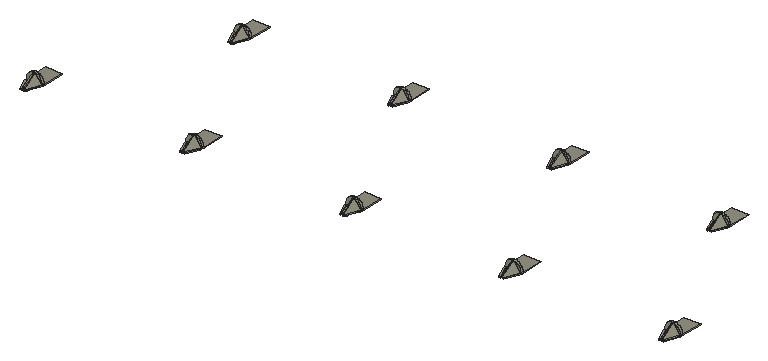
Revit family "Construction_Roof-Accessories_Alpine-SnowGuards_PD30", category Specialty Equipment, host Face, Revit 2019
Family settings
  Host = Face
  Round Connector Dimension = Use Diameter
  Part Type = Normal
  OmniClass Number = 23.35.20.31.27.14
  OmniClass Title = Snow Guards
  Cut with Voids When Loaded = No
  Shared = No
  Room Calculation Point = No
Parameters (values of type "2x2 Pattern – Two Row")
  z_Option3 = Row Options : Three Rows
  z_Option2 = Row Options : Two Rows
  z_Option1 = Row Options : One Row
  Z_Vertical Spacing = if(Vertical Spacing = 0", 12", Vertical Spacing)  # 24"
  Z_Three Rows [instance] = and((Length > 2 * Z_Horizontal Spacing), Number of Rows = z_Option3)  # no
  Z_Three Row Second Pad [instance] = and(not(or(Z_Three Rows, Z_Two Rows, Z_Custom Row, Number of Rows = z_Option2, Z_CR)), Z_Length > Z_Horizontal Spacing)  # no
  Z_Three Row First Pad [instance] = not(or(Z_Three Rows, Z_Two Rows, Z_Custom Row, Number of Rows = z_Option2, Z_CR))  # no
  Z_Second Row Number [instance] = Z_Number of Pads Control - 1  # 4
  Z_Two Row First Pad [instance] = and(not(or(Z_Three Rows, Z_Two Rows, Z_Custom Row, Z_CR)), or(Z_Length = Z_Horizontal Spacing / 2, Z_Length > Z_Horizontal Spacing / 2))  # no
  Z_Second Row [instance] = Z_Horizontal Spacing / 2  # 12"
  Z_Length [instance] = if(Length < Z_Horizontal Spacing / 2, Z_Horizontal Spacing / 2, Length)  # 100"
  Z_Horizontal Spacing = if(Horizontal Spacing = 0", 24", Horizontal Spacing)  # 24"
  Z_Distance between Pads [instance] = Length / (Z_Number of Pads Control - 1)  # 25"
  Z_Custom Row Second Pad [instance] = and(not(or(Z_Three Rows, Z_Two Rows, Z_Custom Row)), Z_Length > Z_Horizontal Spacing)  # no
  Z_Custom Row First Pad [instance] = not(or(Z_Three Rows, Z_Two Rows))  # no
  Z_Custom Row [instance] = and((Length > 2 * Z_Horizontal Spacing), or(Number of Rows = z_Option1, Number of Rows = z_Option2, Number of Rows = z_Option3))  # yes
  Z_CR = no
  Vertical Spacing = 24"
  URL = "https://www.alpinesnowguards.com/model/pd30?utm_source=bimobject&utm_medium=productlisting&utm_campaign=2022marketing"
  Z_Two Rows [instance] = and((Length > 2 * Z_Horizontal Spacing), or(Number of Rows = z_Option2, Number of Rows = z_Option3))  # yes
  Surface Offset [instance] = 0"
  Standard Layouts [instance] = "Standard layouts are shown. Custom layouts are available, please contact Alpine Snow Guard to discuss."  # constant formula
  Snow Guard Count [instance] = if(and(Number of Rows = z_Option1, and(Length > 24", Length < 49")), 2, if(and(Number of Rows = z_Option1, or(Length = 0", Length < 25")), 1, if(and(Number of Rows = z_Option2, or(Length = 0", Length < 25")), 2, if(and(Number of Rows = z_Option3, and(Length > 24", Length < 49")), 5, if(Z_Three Rows, 2 * Z_Number of Pads Control + Z_Second Row Number, if(Z_Two Rows, Z_Number of Pads Control + Z_Second Row Number, Z_Number of Pads Control))))))  # 9
  Product data url = "https://www.bimobject.com/en-us/alpine-snowguards/product/pd30_half_round_pad_style_snow_guard"
  Product Material = Alpine SnowGuards - Aluminium - Mill Finish
  Product Guid = "483fc227-2481-4cf8-8a25-9295d0d0372d"
  Z_Number of Pads Control [instance] = if((Z_Length / Z_Horizontal Spacing + 1) < 3, 3, rounddown(Z_Length / Z_Horizontal Spacing + 1))  # 5
  Number of Rows = Row Options : Two Rows
  Length Note [instance] = "To show a single SnowGuard in the Row, please set Length to 0"  # constant formula
  Model = if(PD 300F, "PD 300F", "PD 30")  # "PD 30"
  Manufacturer = "Alpine SnowGuards"  # constant formula
  PD 300F = no
  Length [instance] = 100"
  Keynote = "07720"
  IMPORTANT [instance] = "All layouts begin with a 3-row pattern."  # constant formula
  Horizontal Spacing = 24"
  Edition number = 1
  Description = "PD30 Half Round Pad Style Snow Guard"  # constant formula
  Default Elevation = 48"
  Assembly Code = "B3010"
Types (6): name | Z_Vertical Spacing | Z_Three Rows | Z_Second Row Number | Z_Second Row | Z_Horizontal Spacing | Z_Distance between Pads | Z_Custom Row First Pad | Z_CR | Vertical Spacing | Z_Two Rows | Snow Guard Count | Z_Number of Pads Control | Number of Rows | Horizontal Spacing
  (no name) | 24" | no | 4 | 12" | 24" | 25" | no | no | 24" | yes | 9 | 5 | Row Options : Two Rows | 24"
  3-Row Pattern | 12" | yes | 4 | 12" | 24" | 25" | no | no | 12" | yes | 14 | 5 | Row Options : Three Rows | 24"
  2x4 Pattern – Two Row | 24" | no | 2 | 24" | 48" | 50" | no | no | 24" | yes | 5 | 3 | Row Options : Two Rows | 48"
  2x3 Pattern – Two Row | 24" | no | 2 | 18" | 36" | 50" | no | no | 24" | yes | 5 | 3 | Row Options : Two Rows | 36"
  2x2 Pattern – Two Row | 24" | no | 4 | 12" | 24" | 25" | no | no | 24" | yes | 9 | 5 | Row Options : Two Rows | 24"
  Custom – Single Row | 12" | no | 4 | 12" | 24" | 25" | yes | yes | 0" | no | 5 | 5 | Row Options : One Row | 24"
Reference planes (in)
  plane 1 "Center (Front/Back)": y = 0
  plane 2: z = 0
  plane 3 "Center (Left/Right)": x = 0
  plane 4: x = 100
  plane 5: y = 24
  plane 6: y = 48
  plane 7: x = 12
  plane 8: x = 24
  plane 9: x = 36
Dimensions and locks (in)
  "Z_Length": plane 3 "Center (Left/Right)" to plane 4
  "Z_Vertical Spacing": plane 1 "Center (Front/Back)" to plane 5
  "Z_Vertical Spacing": plane 6 to plane 5
  "Z_Horizontal Spacing": plane 3 "Center (Left/Right)" to plane 8
  equal spacing: group 1, group 2, group 3, group 9, group 10  (x3)
  equal spacing: group 4, group 5, group 6, group 11, group 12  (x3)
  "Z_Horizontal Spacing": plane 7 to plane 9
  equal spacing: group 7, group 8, group 13, group 14  (x3)
  equal spacing: plane 3 "Center (Left/Right)", plane 7, plane 8
  aligned and locked: host face to plane 2
  aligned and locked: host face to level
  aligned and locked: plane 1 "Center (Front/Back)" to nested 1
  aligned and locked: plane 3 "Center (Left/Right)" to nested 1
  aligned and locked: plane 7 to nested 2
  aligned and locked: nested 2 to plane 5
  aligned and locked: plane 3 "Center (Left/Right)" to nested 3
  aligned and locked: nested 3 to plane 6
  aligned and locked: plane 8 to nested 4
  aligned and locked: plane 8 to nested 6
  aligned and locked: plane 9 to nested 8
  aligned and locked: nested 6 to plane 6
  aligned and locked: nested 8 to plane 5
  aligned and locked: plane 1 "Center (Front/Back)" to nested 9
  aligned and locked: plane 1 "Center (Front/Back)" to nested 10
  aligned and locked: nested 11 to plane 5
  aligned and locked: nested 12 to plane 6
  aligned and locked: nested 13 to plane 6
  aligned and locked: plane 3 "Center (Left/Right)" to nested 9
  aligned and locked: plane 7 to nested 11
  aligned and locked: plane 8 to nested 10
  aligned and locked: plane 3 "Center (Left/Right)" to nested 12
  aligned and locked: plane 8 to nested 13
Automatic sketch dimensions
  host sketch curve to host sketch curve = 167.34463"
  host sketch curve to host sketch curve = 121.14631"
Nested families (in)
  nested 1: "Construction_Roof-Accessories_Alpine-SnowGuards_Pad-PD30" at (0, 0, 0), Product Material <- "Product Material", F <- "PD 300F", visible <- "Z_Custom Row", Surface Offset <- "Surface Offset", type "Construction_Roof-Accessories_Alpine-SnowGuards_Pad-PD30"
    with Surface Offset 0", Product Material Alpine SnowGuards - Aluminium - Mill Finish, F no
  nested 2: "Construction_Roof-Accessories_Alpine-SnowGuards_Pad-PD30" at (12, 24, 0), Product Material <- "Product Material", F <- "PD 300F", visible <- "Z_Two Rows", Surface Offset <- "Surface Offset", type "Construction_Roof-Accessories_Alpine-SnowGuards_Pad-PD30"
    with Surface Offset 0", Product Material Alpine SnowGuards - Aluminium - Mill Finish, F no
  nested 3: "Construction_Roof-Accessories_Alpine-SnowGuards_Pad-PD30" at (0, 48, 0), Product Material <- "Product Material", F <- "PD 300F", visible <- "Z_Three Rows", Surface Offset <- "Surface Offset", type "Construction_Roof-Accessories_Alpine-SnowGuards_Pad-PD30"
    with Surface Offset 0", Product Material Alpine SnowGuards - Aluminium - Mill Finish, F no
  nested 4: "Construction_Roof-Accessories_Alpine-SnowGuards_Pad-PD30" at (24, 0, 0), Product Material <- "Product Material", F <- "PD 300F", visible <- "Z_Custom Row", Surface Offset <- "Surface Offset", type "Construction_Roof-Accessories_Alpine-SnowGuards_Pad-PD30"
    with Surface Offset 0", Product Material Alpine SnowGuards - Aluminium - Mill Finish, F no
  nested 5: "Construction_Roof-Accessories_Alpine-SnowGuards_Pad-PD30" at (48, 0, 0), Product Material <- "Product Material", F <- "PD 300F", visible <- "Z_Custom Row", Surface Offset <- "Surface Offset", type "Construction_Roof-Accessories_Alpine-SnowGuards_Pad-PD30"
    with Surface Offset 0", Product Material Alpine SnowGuards - Aluminium - Mill Finish, F no
  nested 6: "Construction_Roof-Accessories_Alpine-SnowGuards_Pad-PD30" at (24, 48, 0), Product Material <- "Product Material", F <- "PD 300F", visible <- "Z_Three Rows", Surface Offset <- "Surface Offset", type "Construction_Roof-Accessories_Alpine-SnowGuards_Pad-PD30"
    with Surface Offset 0", Product Material Alpine SnowGuards - Aluminium - Mill Finish, F no
  nested 7: "Construction_Roof-Accessories_Alpine-SnowGuards_Pad-PD30" at (48, 48, 0), Product Material <- "Product Material", F <- "PD 300F", visible <- "Z_Three Rows", Surface Offset <- "Surface Offset", type "Construction_Roof-Accessories_Alpine-SnowGuards_Pad-PD30"
    with Surface Offset 0", Product Material Alpine SnowGuards - Aluminium - Mill Finish, F no
  nested 8: "Construction_Roof-Accessories_Alpine-SnowGuards_Pad-PD30" at (36, 24, 0), Product Material <- "Product Material", F <- "PD 300F", visible <- "Z_Two Rows", Surface Offset <- "Surface Offset", type "Construction_Roof-Accessories_Alpine-SnowGuards_Pad-PD30"
    with Surface Offset 0", Product Material Alpine SnowGuards - Aluminium - Mill Finish, F no
  nested 9: "Construction_Roof-Accessories_Alpine-SnowGuards_Pad-PD30" at (0, 0, 0), F <- "PD 300F", Surface Offset <- "Surface Offset", Product Material <- "Product Material", visible <- "Z_Custom Row First Pad", type "Construction_Roof-Accessories_Alpine-SnowGuards_Pad-PD30"
    with Surface Offset 0", Product Material Alpine SnowGuards - Aluminium - Mill Finish, F no
  nested 10: "Construction_Roof-Accessories_Alpine-SnowGuards_Pad-PD30" at (24, 0, 0), F <- "PD 300F", Surface Offset <- "Surface Offset", Product Material <- "Product Material", visible <- "Z_Custom Row Second Pad", type "Construction_Roof-Accessories_Alpine-SnowGuards_Pad-PD30"
    with Surface Offset 0", Product Material Alpine SnowGuards - Aluminium - Mill Finish, F no
  nested 11: "Construction_Roof-Accessories_Alpine-SnowGuards_Pad-PD30" at (12, 24, 0), Product Material <- "Product Material", Surface Offset <- "Surface Offset", F <- "PD 300F", visible <- "Z_Two Row First Pad", type "Construction_Roof-Accessories_Alpine-SnowGuards_Pad-PD30"
    with Surface Offset 0", Product Material Alpine SnowGuards - Aluminium - Mill Finish, F no
  nested 12: "Construction_Roof-Accessories_Alpine-SnowGuards_Pad-PD30" at (0, 48, 0), Product Material <- "Product Material", Surface Offset <- "Surface Offset", F <- "PD 300F", visible <- "Z_Three Row First Pad", type "Construction_Roof-Accessories_Alpine-SnowGuards_Pad-PD30"
    with Surface Offset 0", Product Material Alpine SnowGuards - Aluminium - Mill Finish, F no
  nested 13: "Construction_Roof-Accessories_Alpine-SnowGuards_Pad-PD30" at (24, 48, 0), Product Material <- "Product Material", Surface Offset <- "Surface Offset", F <- "PD 300F", visible <- "Z_Three Row Second Pad", type "Construction_Roof-Accessories_Alpine-SnowGuards_Pad-PD30"
    with Surface Offset 0", Product Material Alpine SnowGuards - Aluminium - Mill Finish, F no
  nested 14: "Construction_Roof-Accessories_Alpine-SnowGuards_Pad-PD30" at (72, 0, 0), Product Material <- "Product Material", F <- "PD 300F", visible <- "Z_Custom Row", Surface Offset <- "Surface Offset", type "Construction_Roof-Accessories_Alpine-SnowGuards_Pad-PD30"
    with Surface Offset 0", Product Material Alpine SnowGuards - Aluminium - Mill Finish, F no
  nested 15: "Construction_Roof-Accessories_Alpine-SnowGuards_Pad-PD30" at (96, 0, 0), Product Material <- "Product Material", F <- "PD 300F", visible <- "Z_Custom Row", Surface Offset <- "Surface Offset", type "Construction_Roof-Accessories_Alpine-SnowGuards_Pad-PD30"
    with Surface Offset 0", Product Material Alpine SnowGuards - Aluminium - Mill Finish, F no
  nested 16: "Construction_Roof-Accessories_Alpine-SnowGuards_Pad-PD30" at (72, 48, 0), Product Material <- "Product Material", F <- "PD 300F", visible <- "Z_Three Rows", Surface Offset <- "Surface Offset", type "Construction_Roof-Accessories_Alpine-SnowGuards_Pad-PD30"
    with Surface Offset 0", Product Material Alpine SnowGuards - Aluminium - Mill Finish, F no
  nested 17: "Construction_Roof-Accessories_Alpine-SnowGuards_Pad-PD30" at (96, 48, 0), Product Material <- "Product Material", F <- "PD 300F", visible <- "Z_Three Rows", Surface Offset <- "Surface Offset", type "Construction_Roof-Accessories_Alpine-SnowGuards_Pad-PD30"
    with Surface Offset 0", Product Material Alpine SnowGuards - Aluminium - Mill Finish, F no
  nested 18: "Construction_Roof-Accessories_Alpine-SnowGuards_Pad-PD30" at (60, 24, 0), Product Material <- "Product Material", F <- "PD 300F", visible <- "Z_Two Rows", Surface Offset <- "Surface Offset", type "Construction_Roof-Accessories_Alpine-SnowGuards_Pad-PD30"
    with Surface Offset 0", Product Material Alpine SnowGuards - Aluminium - Mill Finish, F no
  nested 19: "Construction_Roof-Accessories_Alpine-SnowGuards_Pad-PD30" at (84, 24, 0), Product Material <- "Product Material", F <- "PD 300F", visible <- "Z_Two Rows", Surface Offset <- "Surface Offset", type "Construction_Roof-Accessories_Alpine-SnowGuards_Pad-PD30"
    with Surface Offset 0", Product Material Alpine SnowGuards - Aluminium - Mill Finish, F no
Definition of nested family "Construction_Roof-Accessories_Alpine-SnowGuards_Pad-PD30"
  Parameters (values of type "Construction_Roof-Accessories_Alpine-SnowGuards_Pad-PD21")
    Surface Offset [instance] = 0"
    Product Material [instance] = none
    F [instance] = yes
  Reference planes (in)
    plane 1 "Center (Front/Back)": y = 0
    plane 2: z = 0
    plane 3 "Center (Left/Right)": x = 0
    plane 4: y = -2.375
    plane 5: z = 1.5
    plane 6: x = -1.25
    plane 7: x = 1.25
    plane 8: z = 2.6875
    plane 9: y = 3.4375
    plane 10: z = 0.10624
    plane 11: z = 0
  Forms (in)
    Extrusion 1, solid, material <- "Product Material", detail levels fine
      sketch origin (0, 0, 0.03424) x (1, 0, 0) y (0, 0, 1)
        loop
          line (1.25, -0.03424) -> (1.25, 0.2105)
          arc (1.25, 0.2105) -> (0, 1.4605) -> (-1.25, 0.2105) r 1.25
          line (-1.25, 0.2105) -> (-1.25, -0.03424) -> (1.25, -0.03424)
      from 0 to 0.1978
    Sweep 2, solid, material <- "Product Material", detail levels fine
      path origin (1.2331, 0.04673, 0.03865) x (0.999641, 0.026785, -0.001071) y (-0.026787, 0.99964, -0.001779)
        loop
          line (-2.05752, 0.18662) -> (-1.07653, -2.30301)
      profile origin (-0.30501, -1.05306, 0.04221) x (0.920225, 0.391387, -0.001649) y (0.001023, 0.001807, 0.999998)
        loop
          line (-0.41438, -0.03769) -> (-0.37639, -0.03494) -> (0.58935, 1.35985) -> (0.55134, 1.35706) -> (-0.41438, -0.03769)
    Extrusion 3, void
      sketch origin (0, 0, 0.03424) x (0, 1, 0) y (0, 0, 1)
        loop
          line (-0.15101, 1.42347) -> (-0.15101, 1.59635) -> (-2.55379, 1.59635) -> (-2.55379, -0.1778) -> (0.46654, -0.1778) -> (0.46654, 1.37647) -> (-0.1978, 1.37647) -> (-0.1978, 0.072) -> (-2.40838, 0.072) -> (-0.15101, 1.42347)
      from -2.2317 to 1.92901
    Sweep 4, solid, material <- "Product Material", detail levels fine
      path origin (-1.2331, 0.04673, 0.03865) x (-0.999641, 0.026785, -0.001071) y (-0.026787, -0.99964, 0.001779)
        loop
          line (-2.05752, -0.18662) -> (-1.07653, 2.30301)
      profile origin (0.30501, -1.05306, 0.04221) x (0.920225, -0.391387, 0.001649) y (-0.001023, 0.001807, 0.999998)
        loop
          line (0.41438, -0.03769) -> (-0.55134, 1.35706) -> (-0.58935, 1.35985) -> (0.37639, -0.03494) -> (0.41438, -0.03769)
    Extrusion 5, solid, material <- "Product Material", detail levels fine
      sketch origin (0, -0.23657, 1.40648) x (0, -0.857988, -0.51367) y (1, 0, 0)
        loop
          line (2.53128, -0.10391) -> (2.53128, 0.10391) -> (-0.04787, 0.04282) -> (-0.04787, -0.04282) -> (2.53128, -0.10391)
      from 0 to 0.02578
    Sweep 6, void
      path origin (0, 0, 0.03424) x (1, 0, 0) y (0, 0, 1)
        loop
          line (-1.26245, -0.03424) -> (-1.26245, 0.2105)
          arc (-1.26245, 0.2105) -> (0, 1.47295) -> (1.26245, 0.2105) r 1.26245
          line (1.26245, 0.2105) -> (1.26245, -0.03424)
      profile origin (-1.26245, 0, 0.12237) x (-1, 0, 0) y (0, -1, 0)
        loop
          line (-0.00526, -0.02577) -> (-0.00526, 0.1978) -> (-0.06762, 0.1978) -> (-0.00526, -0.02577)
    Extrusion 7, void
      sketch origin (0, 0, 0) x (0, 1, 0) y (0, 0, 1)
        loop
          line (-2.375, 0.26156) -> (-2.625, 0.26156) -> (-2.625, -0.08571) -> (-2.375, -0.08571) -> (-2.375, 0.26156)
      from -0.20134 to 0.28095
    Extrusion 8, solid, material <- "Product Material", detail levels fine
      sketch origin (0, 0, 0) x (1, 0, 0) y (0, 1, 0)
        loop
          line (-1.20009, -0.1978) -> (-1.20009, -0.44408) -> (-0.38047, -2.375) -> (-0.11807, -2.375) -> (-1.04182, -0.1978) -> (-1.20009, -0.1978)
        loop
          line (1.20009, -0.1978) -> (1.04182, -0.1978) -> (0.11807, -2.375) -> (0.38047, -2.375) -> (1.20009, -0.44408) -> (1.20009, -0.1978)
      from 0 to 0.10624
    Extrusion 9, solid, material <- "Product Material", detail levels coarse+medium
      sketch origin (0, 0, 0) x (1, 0, 0) y (0, 0, 1)
        loop
          line (-1.25, 0) -> (1.25, 0) -> (1.25, 0.24474)
          arc (1.25, 0.24474) -> (0, 1.49474) -> (-1.25, 0.24474) r 1.25
          line (-1.25, 0.24474) -> (-1.25, 0)
      from 0 to 2.375
    Extrusion 10, solid, material <- "Product Material", visible <- "F", detail levels fine
      sketch origin (0, 0, 0) x (1, 0, 0) y (0, 0, 1)
        loop
          arc (-1.24367, 0.11913) -> (0, 1.49474) -> (1.24367, 0.11913) r 1.25
          line (1.24367, 0.11913) -> (1.49571, 0.11913) -> (1.49571, 0.24095)
          arc (1.49571, 0.24095) -> (1.65445, 0.44682) -> (1.89391, 0.34565) r 0.21286
          arc (1.89391, 0.34565) -> (1.9182, 0.33046) -> (1.94415, 0.34257) r 0.03
          arc (1.94415, 0.34257) -> (2.09853, 0.65809) -> (2.13082, 1.00787) r 0.97307
          arc (2.13082, 1.00787) -> (1.56654, 1.72665) -> (0.65273, 1.72878) r 1.04729
          arc (0.65273, 1.72878) -> (0.66656, 2.06986) -> (0.4432, 2.32801) r 0.46375
          arc (0.4432, 2.32801) -> (0.22443, 2.50806) -> (0.02246, 2.70678) r 3.19618
          arc (0.02246, 2.70678) -> (0.00781, 2.71316) -> (-0.00683, 2.70678) r 0.02
          arc (-0.00683, 2.70678) -> (-0.20217, 2.51405) -> (-0.41331, 2.33878) r 3.19618
          arc (-0.41331, 2.33878) -> (-0.65454, 2.0814) -> (-0.64492, 1.72878) r 0.46375
          arc (-0.64492, 1.72878) -> (-1.55873, 1.72665) -> (-2.123, 1.00787) r 1.04729
          arc (-2.123, 1.00787) -> (-2.09072, 0.65809) -> (-1.93634, 0.34257) r 0.97307
          arc (-1.93634, 0.34257) -> (-1.91039, 0.33046) -> (-1.8861, 0.34565) r 0.03
          arc (-1.8861, 0.34565) -> (-1.64664, 0.44682) -> (-1.4879, 0.24095) r 0.21286
          line (-1.4879, 0.24095) -> (-1.4879, 0.11913) -> (-1.24367, 0.11913)
      from 0 to -0.01759
    Extrusion 11, solid, material <- "Product Material", visible <- "F", detail levels coarse+medium
      sketch origin (0, 0, 0) x (1, 0, 0) y (0, 0, 1)
        loop
          line (-2.123, 0.11913) -> (2.13082, 0.11913) -> (2.13082, 0.5916)
          arc (2.13082, 0.5916) -> (0.00391, 2.7185) -> (-2.123, 0.5916) r 2.12691
          line (-2.123, 0.5916) -> (-2.123, 0.11913)
      from 0 to -0.01759
    Extrusion 12, solid, material <- "Product Material"
      sketch origin (0, 0, 0) x (1, 0, 0) y (0, 1, 0)
        loop
          line (-1.25, 3.4375) -> (-1.25, 0) -> (1.25, 0) -> (1.25, 3.4375) -> (-1.25, 3.4375)
      from 0 to 0.10624
  Cuts and joins
    Extrusion 3, Extrusion 7 cuts Sweep 2
    Extrusion 3, Extrusion 7 cuts Sweep 4
    Extrusion 7 cuts Extrusion 5
    Sweep 6 cuts Extrusion 1
  Dimensions and locks (in)
    locked: plane 4 to plane 1 "Center (Front/Back)" at 2.375
    locked: plane 5 to plane 2 at 1.5
    plane 7 to plane 6 = 2 1/2"
    equal spacing: plane 6, plane 3 "Center (Left/Right)", plane 7
    locked: plane 6 to plane 7 at 2.5
    locked: plane 8 to level at 2.6875
    locked: plane 9 to plane 1 "Center (Front/Back)" at 3.4375
    locked: plane 10 to plane 11 at 0.10624
    "Surface Offset": level to plane 11
    aligned and locked: level to plane 2
    aligned and locked: Extrusion 12 sketch curve to plane 1 "Center (Front/Back)"
    aligned and locked: plane 7 to Extrusion 12 sketch curve
    aligned and locked: plane 6 to Extrusion 12 sketch curve
    aligned and locked: plane 9 to Extrusion 12 sketch curve
    aligned and locked: Extrusion 12 to plane 10
    aligned and locked: Extrusion 12 to plane 11
  Automatic sketch dimensions
    Extrusion 1 sketch curve to level = 0"
    Extrusion 1 sketch curve to plane 6 = 0"
    Extrusion 1 sketch curve to plane 3 "Center (Left/Right)" = 0"
    level to Extrusion 1 sketch curve = 0.24474"
    Sweep 2 sketch curve to Sweep 2 sketch curve = 0.98099"
    Sweep 2 sketch curve to Sweep 2 sketch curve = 2.48963"
    Sweep 2 sketch curve to profile plane = 0.03769"
    profile plane to Sweep 2 sketch curve = 0.41438"
    Sweep 2 sketch curve to profile plane = 0.03494"
    Sweep 2 sketch curve to Sweep 2 sketch curve = 0.03799"
    Sweep 2 sketch curve to profile plane = 0.55134"
    Sweep 2 sketch curve to Sweep 2 sketch curve = 0.03801"
    profile plane to Sweep 2 sketch curve = 1.35706"
    Sweep 2 sketch curve to Sweep 2 sketch curve = 0.00279"
    Extrusion 3 sketch curve to plane 4 = 0.17879"
    Extrusion 3 sketch curve to plane 4 = 0.03338"
    Extrusion 3 sketch curve to plane 5 = 0.08929"
    plane 1 "Center (Front/Back)" to Extrusion 3 sketch curve = 0.1978"
    plane 1 "Center (Front/Back)" to Extrusion 3 sketch curve = 0.15101"
    Extrusion 3 sketch curve to level = 0.14356"
    Extrusion 3 sketch curve to plane 1 "Center (Front/Back)" = 0.46654"
    level to Extrusion 3 sketch curve = 0.10624"
    Extrusion 3 sketch curve to plane 5 = 0.04229"
    plane 5 to Extrusion 3 sketch curve = 0.13059"
    Sweep 4 sketch curve to Sweep 4 sketch curve = 0.98099"
    Sweep 4 sketch curve to Sweep 4 sketch curve = 2.48963"
    profile plane to Sweep 4 sketch curve = 0.58935"
    Sweep 4 sketch curve to Sweep 4 sketch curve = 0.03801"
    Sweep 4 sketch curve to profile plane = 0.03494"
    Sweep 4 sketch curve to profile plane = 0.37639"
    Sweep 4 sketch curve to profile plane = 0.03769"
    Sweep 4 sketch curve to Sweep 4 sketch curve = 0.03799"
    profile plane to Sweep 4 sketch curve = 1.35706"
    Sweep 4 sketch curve to Sweep 4 sketch curve = 0.00279"
    Extrusion 5 sketch curve to plane 3 "Center (Left/Right)" = 0.04282"
    plane 3 "Center (Left/Right)" to Extrusion 5 sketch curve = 0.10391"
    Extrusion 5 sketch curve to Extrusion 5 sketch curve = 2.57915"
    Extrusion 5 sketch curve to plane 3 "Center (Left/Right)" = 0.10391"
    plane 3 "Center (Left/Right)" to Extrusion 5 sketch curve = 0.04282"
    Sweep 6 sketch curve to level = 0"  (x2)
    Sweep 6 sketch curve to plane 3 "Center (Left/Right)" = 0"
    Sweep 6 sketch curve to plane 6 = 0.01245"
    level to Sweep 6 sketch curve = 0.24474"
    profile plane to Sweep 6 sketch curve = 0.06762"
    profile plane to Sweep 6 sketch curve = 0.00526"
    Sweep 6 sketch curve to profile plane = 0.02577"
    profile plane to Sweep 6 sketch curve = 0.1978"
    Extrusion 7 sketch curve to plane 4 = 0"
    Extrusion 7 sketch curve to level = 0.08571"
    Extrusion 7 sketch curve to plane 4 = 1/4"
    level to Extrusion 7 sketch curve = 0.26156"
    Extrusion 8 sketch curve to plane 4 = 0"  (x2)
    plane 6 to Extrusion 8 sketch curve = 0.04991"
    Extrusion 8 sketch curve to Extrusion 8 sketch curve = 0.15827"
    Extrusion 8 sketch curve to plane 3 "Center (Left/Right)" = 0.38047"
    Extrusion 8 sketch curve to plane 3 "Center (Left/Right)" = 0.11807"
    plane 3 "Center (Left/Right)" to Extrusion 8 sketch curve = 0.11807"
    Extrusion 8 sketch curve to Extrusion 8 sketch curve = 0.2624"
    plane 7 to Extrusion 8 sketch curve = 0.20818"
    plane 7 to Extrusion 8 sketch curve = 0.04991"
    plane 1 "Center (Front/Back)" to Extrusion 8 sketch curve = 0.44408"  (x2)
    plane 1 "Center (Front/Back)" to Extrusion 8 sketch curve = 0.1978"  (x2)
    Extrusion 9 sketch curve to plane 6 = 0"
    Extrusion 9 sketch curve to plane 3 "Center (Left/Right)" = 0"
    Extrusion 9 sketch curve to level = 0"
    level to Extrusion 9 sketch curve = 0.24474"
    Extrusion 10 sketch curve to plane 3 "Center (Left/Right)" = 0"
    Extrusion 10 sketch curve to plane 3 "Center (Left/Right)" = 0.22099"
    plane 6 to Extrusion 10 sketch curve = 0.15038"
    plane 6 to Extrusion 10 sketch curve = 0.09618"
    plane 6 to Extrusion 10 sketch curve = 0.00633"
    level to Extrusion 10 sketch curve = 0.11913"
    Extrusion 10 sketch curve to plane 6 = 0.2379"
    Extrusion 10 sketch curve to Extrusion 10 sketch curve = 0.21286"  (x2)
    Extrusion 10 sketch curve to Extrusion 10 sketch curve = 0.21146"  (x2)
    Extrusion 10 sketch curve to plane 6 = 1.09726"
    plane 3 "Center (Left/Right)" to Extrusion 10 sketch curve = 1/128"
    plane 3 "Center (Left/Right)" to Extrusion 10 sketch curve = 0.2288"
    plane 7 to Extrusion 10 sketch curve = 0.14256"
    plane 7 to Extrusion 10 sketch curve = 0.08836"
    plane 7 to Extrusion 10 sketch curve = 0.00633"
    Extrusion 10 sketch curve to plane 7 = 0.24571"
    Extrusion 10 sketch curve to plane 7 = 1.11289"
    Extrusion 10 sketch curve to Extrusion 10 sketch curve = 0.12183"  (x2)
    level to Extrusion 10 sketch curve = 0.24474"
    Extrusion 10 sketch curve to Extrusion 10 sketch curve = 0.11945"  (x2)
    Extrusion 10 sketch curve to Extrusion 10 sketch curve = 0.54439"  (x2)
    Extrusion 10 sketch curve to Extrusion 10 sketch curve = 0.13561"  (x2)
    plane 5 to Extrusion 10 sketch curve = 0.41679"  (x2)
    Extrusion 10 sketch curve to Extrusion 10 sketch curve = 0.77637"
    Extrusion 10 sketch curve to Extrusion 10 sketch curve = 2.19031"  (x2)
    Extrusion 10 sketch curve to plane 3 "Center (Left/Right)" = 0.00683"
    Extrusion 10 sketch curve to Extrusion 10 sketch curve = 0"  (x6)
    Extrusion 10 sketch curve to plane 3 "Center (Left/Right)" = 0.41331"
    plane 5 to Extrusion 10 sketch curve = 0.22878"  (x2)
    plane 3 "Center (Left/Right)" to Extrusion 10 sketch curve = 0.4432"
    level to Extrusion 11 sketch curve = 0.11913"
    Extrusion 11 sketch curve to plane 6 = 0.873"
    plane 3 "Center (Left/Right)" to Extrusion 11 sketch curve = 1/256"
    Extrusion 11 sketch curve to Extrusion 11 sketch curve = 0.47247"
